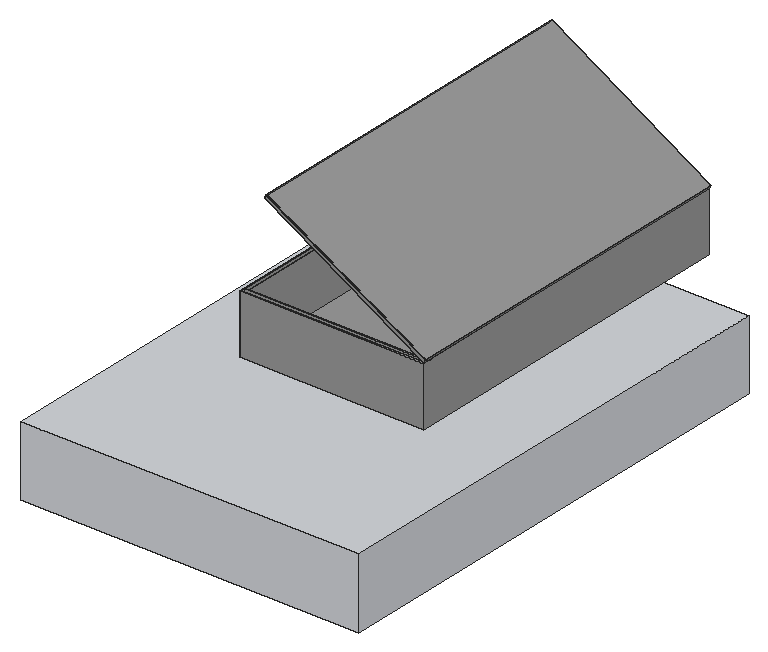
Revit family "Hager-Univers-IP55-D275-H1550-Cl.II-Steel_encl-PL-pl", category Equipement électrique, Revit 2020
Family settings
  Hôte = Face
  Configuration du panneau = Deux colonnes, circuits au sein
  Cote de connecteur circulaire = Utiliser le diamètre
  Type d'élément = Tableau de raccordement
  Couper avec des vides une fois chargée = Non
  Partagée = Non
  Point de calcul de pièce = Non
Parameters (values of type "Montaż natynkowy IP55 S800 W1550 G275  - FR03S")
  Width Control [instance] = if([EF000008 - Szerokość] > Min Width, [EF000008 - Szerokość], Min Width)  # 800 mm
  Commentaires du type = [HG000003 - Zakres]  # "Univers"
  Thickness Door [instance] = if([EF009171 - Drzwi/pokrywa z materiału o wysokiej wytrzymałości mechanicznej] > 3 mm, 3 mm, [EF009171 - Drzwi/pokrywa z materiału o wysokiej wytrzymałości mechanicznej])  # 1.5 mm
  Seal Frame Offset [instance] = 17 mm  # constant formula
  Plinth Visibility [instance] = [HG000027 - Wysokość cokołu] > 0 mm  # no
  Model = ""
  Min Width [instance] = 100 mm  # constant formula
  Min Height [instance] = 100 mm  # constant formula
  Min Depth [instance] = (2 * [EF009170 - Obudowa z materiału o wysokiej wytrzymałości mechanicznej]) + 1 mm  # 4 mm
  Internal Frame Depth [instance] = (Door System Depth * 0.5)  # 9 mm
  Height Control [instance] = if([EF000040 - Wysokość] > Min Height, [EF000040 - Wysokość], Min Height)  # 1550 mm
  HG000027 - Wysokość cokołu = 0 mm
  HG000026 - Stojąca = no
  HG000024 - Wysokość części dolnej = 800 mm
  HG000023 - Obudowa dwusekcyjna = no
  HG000016 - Widoczność drzwi w widoku 3D [instance] = yes
  HG000015 - Przestrzeń robocza - otwarcie drzwi [instance] = no
  HG000014 - Drzwi prawe [instance] = yes
  HG000013 - Drzwi lewe [instance] = not([HG000014 - Drzwi prawe])  # no
  HG000012 - Kąt otwarcia drzwi [instance] = 30.00°
  HG000010 - Drzwi asymetryczne = no
  HG000009 - Drzwi dwuskrzydłowe = no
  HG000006 - Montaż podtynkowy = no
  HG000004 - Referencja producenta = "FR03S"
  HG000003 - Zakres = "Univers"
  HG000002 - Z drzwiami lub pokrywą = yes
  Frame Offset Bottom [instance] = 10 mm  # constant formula
  Frame Offset [instance] = 15 mm  # constant formula
  EF015940 - Pokrywa z wyzwalaczem nadciśnieniowym = no
  EF011959 - Stopień ochrony (NEMA) = ""
  EF009554 - Liczba otworów pod flansze = 6
  Fabricant = "Hager"  # constant formula
  EF009212 - Wykonanie pokrywy = "EV000116 - Zamknięty"
  EF009171 - Drzwi/pokrywa z materiału o wysokiej wytrzymałości mechanicznej = 1.5 mm
  EF009170 - Obudowa z materiału o wysokiej wytrzymałości mechanicznej = 1.5 mm
  EF008873 - Prąd znamionowy (In) = 800 A
  EF007800 - Do ochrony odgromowej = no
  EF006306 - Z zamkiem = no
  EF006244 - Transparentna pokrywa/drzwi = no
  EF005474 - Stopień ochrony (IP) = "EV006420 - IP55"
  EF004464 - Rodzaj drzwi = "EV002646 - Pojedynczy"
  EF004427 - Liczba modułów = 360
  EF004293 - Odporność udarowa = "EV008784 - IK10"
  EF003532 - Do zastosowań zewnętrznych = no
  EF002950 - Szerokość wyrażona liczbą modułów = 24
  EF001613 - Podtrzymanie funkcji = "EV000494 - Brak"
  EF001596 - Materiał obudowy = "EV000179 - Stal"
  EF001131 - Głębokość wewnętrzna = 275 mm
  EF001088 - Możliwość rozbudowy = yes
  EF000437 - Liczba wejść kablowych = 6
  EF000339 - Rodzaj pokrywy = "EV004216 - Drzwi"
  EF000266 - Liczba rzędów = 10
  EF000218 - Głębokość wbudowania = 0 mm
  EF000118 - Z płytą montażową = no
  EF000116 - Numer RAL = "7035"
  EF000049 - Głębokość = 275 mm
  EF000040 - Wysokość = 1550 mm
  EF000008 - Szerokość = 800 mm
  EF000007 - Kolor = "EV000270 - Szary"
  EF000003 - Sposób montażu = "EV000384 - Montaż natynkowy"
  Door System Leaf Tolerance [instance] = 1.5 mm  # constant formula
  Door System Depth [instance] = 18 mm  # constant formula
  Door Height [instance] = Height Control - [HG000027 - Wysokość cokołu]  # 1550 mm
  Depth Control [instance] = if([EF000049 - Głębokość] > Min Depth, [EF000049 - Głębokość], Min Depth)  # 275 mm
  Default Elevation = 0 mm
  Connector Offset [instance] = Height Control / 2  # 775 mm
  Bottom Top Plate Trim [instance] = 1.5 mm  # constant formula
  Plinth height Ctrl [instance] = if([HG000027 - Wysokość cokołu] > 0 mm, [HG000027 - Wysokość cokołu], 12 mm)  # 12 mm
Types (5, lengths in mm): name | Width Control | HG000010 - Drzwi asymetryczne | HG000009 - Drzwi dwuskrzydłowe | HG000004 - Referencja producenta | EF009554 - Liczba otworów pod flansze | EF004464 - Rodzaj drzwi | EF004427 - Liczba modułów | EF000437 - Liczba wejść kablowych | EF000008 - Szerokość
  Montaż natynkowy IP55 S1050 W1550 G275  - FR04S | 1050 | no | yes | "FR04S" | 8 | "EV003602 - Podwójny" | 480 | 8 | 1050
  Montaż natynkowy IP55 S1300 W1550 G275  - FR05S | 1300 | yes | yes | "FR05S" | 10 | "EV003602 - Podwójny" | 600 | 10 | 1300
  Montaż natynkowy IP55 S300 W1550 G275  - FR01S | 300 | no | no | "FR01S" | 2 | "EV002646 - Pojedynczy" | 120 | 2 | 300
  Montaż natynkowy IP55 S550 W1550 G275  - FR02S | 550 | no | no | "FR02S" | 4 | "EV002646 - Pojedynczy" | 240 | 4 | 550
  Montaż natynkowy IP55 S800 W1550 G275  - FR03S | 800 | no | no | "FR03S" | 6 | "EV002646 - Pojedynczy" | 360 | 6 | 800
Reference planes
  plane 1 "Center (Front/Back)": y = 0
  plane 2: z = 0
  plane 3 "Center (Left/Right)": x = 0
  plane 4: z = 275
  plane 5: y = 1.5
  plane 6: y = 775
  plane 7: y = 0
  plane 8: y = 1550
  plane 9: z = 0
  plane 10: x = -385
  plane 11: x = 385
  plane 12: x = 383.5
  plane 13: x = -383.5
  plane 14: y = 1548.5
  plane 15: x = -383
  plane 16: x = -400
  plane 17: x = 383
  plane 18: x = 400
  plane 19: x = 398.5
  plane 20: x = -398.5
  plane 21: y = 11.5
  plane 22: y = 1550
  plane 23: y = 1533.5
  plane 24: z = 257
  plane 25: z = 1.5
  plane 26: z = 255.5
  plane 27: z = 273.5
Forms (mm)
  Extrusion 1, solid
    sketch origin (0, 0, 0) x (1, 0, 0) y (0, 1, 0)
      loop
        line (-702.964, 1305) -> (-702.964, -811.445) -> (766.763, -811.445) -> (766.763, 1305) -> (-702.964, 1305)
    from 0 to -304.8
  Extrusion 2, solid, material "Hager_Steel_RAL7035_Light_Grey", visible <- "Plinth Visibility", detail levels medium+fine
    sketch origin (0, 0, 0) x (1, 0, 0) y (0, 1, 0)
      loop
        line (-400, 0) -> (400, 0) -> (400, 12) -> (-400, 12) -> (-400, 0)
    from 0 to 257
  Extrusion 3, solid, material "Hager_Steel_RAL7035_Light_Grey", detail levels medium+fine
    sketch origin (0, 0, 0) x (1, 0, 0) y (0, 1, 0)
      loop
        line (-400, 0) -> (400, 0) -> (400, 1550) -> (-400, 1550) -> (-400, 0)
    from 0 to 257
  Extrusion 4, void
    sketch origin (0, 0, 0) x (1, 0, 0) y (0, 1, 0)
      loop
        line (-398.5, 1.5) -> (398.5, 1.5) -> (398.5, 1548.5) -> (-398.5, 1548.5) -> (-398.5, 1.5)
    from 1.5 to 255.5
  Extrusion 5, void
    sketch origin (-381.607, -4572, 257) x (0, -1, 0) y (-1, 0, 0)
      loop
        line (-4583.5, 1.893) -> (-6105.5, 1.893) -> (-6105.5, -765.107) -> (-4583.5, -765.107) -> (-4583.5, 1.893)
    from 0 to 1.5 <- "EF009170 - Obudowa z materiału o wysokiej wytrzymałości mechanicznej"
  Extrusion 6, solid, material "Hager_Steel_RAL7035_Light_Grey", detail levels fine
    sketch origin (0, 0, 257) x (1, 0, 0) y (0, 1, 0)
      loop
        line (-383.5, 1533.5) -> (-383.5, 11.5) -> (383.5, 11.5) -> (383.5, 1533.5) -> (-383.5, 1533.5)
      loop
        line (-385, 10) -> (385, 10) -> (385, 1535) -> (-385, 1535) -> (-385, 10)
    from 0 to 9 <- "Internal Frame Depth"
  Extrusion 7, solid, material "Hager_Steel_RAL7035_Light_Grey", detail levels coarse
    sketch origin (0, 0, 0) x (1, 0, 0) y (0, 1, 0)
      loop
        line (-400, 0) -> (400, 0) -> (400, 1550) -> (-400, 1550) -> (-400, 0)
    from 0 to 275
  Sweep 8, void
    path in 3D
      loop
        line (-400, 12, 0) -> (400, 12, 0) -> (400, 12, 257) -> (-400, 12, 257) -> (-400, 12, 0)
    profile origin (-400, 12, 128.5) x (-1, 0, 0) y (0, -1, 0)
      loop
        line (0, 0) -> (0, 1.5) -> (-1.5, 1.5)
        arc (-1.5, 1.5) -> (-1.061, 0.439) -> (0, 0) r 1.5
Cuts and joins
  Extrusion 4, Extrusion 5 cuts Extrusion 3
  Sweep 8 cuts Extrusion 2
Lines and regions (mm)
  Masking region 1
    outline origin (0, 0, 0) x (1, 0, 0) y (0, 0, 1)
      loop
        line (-400, 275) -> (-400, 0) -> (400, 0) -> (400, 275) -> (-400, 275)
  Masking region 2, detail levels medium+fine
    outline origin (0, 140, 0) x (0, 1, 0) y (0, 0, 1)
      loop
        line (-140, 0) -> (1410, 0) -> (1410, 257) -> (-140, 257) -> (-140, 0)
  Masking region 3, not visible, detail levels medium+fine
    outline origin (0, 297.922, 0) x (0, 1, 0) y (0, 0, 1)
      loop
        line (488.578, 0) -> (528.578, 0) -> (528.578, 263.5)
        arc (528.578, 263.5) -> (525.649, 270.571) -> (518.578, 273.5) r 10
        line (518.578, 273.5) -> (488.578, 273.5) -> (488.578, 0)
  Masking region 4, detail levels coarse
    outline origin (0, 0, 180) x (0, 1, 0) y (0, 0, 1)
      loop
        line (0, -180) -> (1550, -180) -> (1550, 95) -> (0, 95) -> (0, -180)
  Masking region 5, visible <- "Plinth Visibility", detail levels medium+fine
    outline origin (0, 52.24, 12.345) x (0, 0, -1) y (0, 1, 0)
      loop
        line (10.845, -40.24) -> (-243.155, -40.24)
        arc (-243.155, -40.24) -> (-243.594, -41.301) -> (-244.655, -41.74) r 1.5
        line (-244.655, -41.74) -> (-244.655, -52.24) -> (12.345, -52.24) -> (12.345, -41.74)
        arc (12.345, -41.74) -> (11.285, -41.301) -> (10.845, -40.24) r 1.5
  Masking region 6, detail levels medium+fine
    outline origin (-381.607, -4572, 257) x (-1, 0, 0) y (0, -1, 0)
      loop
        line (18.393, -6122) -> (18.393, -4572) -> (-781.607, -4572) -> (-781.607, -6122) -> (18.393, -6122)
  Masking region 7, visible <- "Plinth Visibility", detail levels medium+fine
    outline origin (-381.607, -4727, 257) x (-1, 0, 0) y (0, -1, 0)
      loop
        arc (16.893, -4739) -> (17.332, -4737.939) -> (18.393, -4737.5) r 1.5
        line (18.393, -4737.5) -> (18.393, -4727) -> (-781.607, -4727) -> (-781.607, -4737.5)
        arc (-781.607, -4737.5) -> (-780.546, -4737.939) -> (-780.107, -4739) r 1.5
        line (-780.107, -4739) -> (16.893, -4739)
  Masking region 8, detail levels coarse
    outline origin (-442.548, -4669.526, 257) x (-1, 0, 0) y (0, -1, 0)
      loop
        line (-42.548, -6219.526) -> (-42.548, -4669.526) -> (-842.548, -4669.526) -> (-842.548, -6219.526) -> (-42.548, -6219.526)
  sketch lines
    curve 1: line (-400, 12, 257) -> (-400, 12, 0)
    curve 2: line (400, 12, 257) -> (-400, 12, 257)
    curve 3: line (400, 12, 257) -> (400, 12, 0)
    curve 4: line (-400, 12, 0) -> (400, 12, 0)
Dimensions and locks
  "Depth Control": plane 4 to Extrusion 1
  "HG000027 - Wysokość cokołu": plane 1 "Center (Front/Back)" to plane 7
  "EF009170 - Obudowa z materiału o wysokiej wytrzymałości mechanicznej": plane 5 to plane 7
  locked: connector elem to plane 3 "Center (Left/Right)"
  equal spacing: plane 8, plane 6, plane 7
  locked: connector elem to plane 6
  "EF009170 - Obudowa z materiału o wysokiej wytrzymałości mechanicznej": plane 8 to plane 14
  "EF009170 - Obudowa z materiału o wysokiej wytrzymałości mechanicznej": plane 10 to plane 13
  "EF009170 - Obudowa z materiału o wysokiej wytrzymałości mechanicznej": plane 12 to plane 11
  "Frame Offset": plane 20 to plane 13
  "Frame Offset": plane 12 to plane 19
  "EF009170 - Obudowa z materiału o wysokiej wytrzymałości mechanicznej": plane 16 to plane 20
  "EF009170 - Obudowa z materiału o wysokiej wytrzymałości mechanicznej": plane 19 to plane 18
  "Seal Frame Offset": plane 16 to plane 15
  "Seal Frame Offset": plane 17 to plane 18
  "Frame Offset Bottom": plane 21 to plane 5
  "Frame Offset": plane 14 to plane 23
  equal spacing: plane 16, plane 3 "Center (Left/Right)", plane 18
  "Width Control": plane 16 to plane 18
  "EF009170 - Obudowa z materiału o wysokiej wytrzymałości mechanicznej": plane 4 to plane 27
  "EF009170 - Obudowa z materiału o wysokiej wytrzymałości mechanicznej": plane 24 to plane 26
  "EF009170 - Obudowa z materiału o wysokiej wytrzymałości mechanicznej": plane 25 to level
  "Door System Depth": plane 4 to plane 24
  "Height Control": plane 1 "Center (Front/Back)" to Extrusion 7 sketch curve
  "Height Control": Masking region 4 sketch curve to plane 1 "Center (Front/Back)"
  "Height Control": plane 1 "Center (Front/Back)" to plane 22
  "Bottom Top Plate Trim": profile plane to Sweep 8 sketch curve
  "Bottom Top Plate Trim": Sweep 8 sketch curve to profile plane
  "Plinth height Ctrl": plane 1 "Center (Front/Back)" to Extrusion 2 sketch curve
  "Plinth height Ctrl": Masking region 5 sketch curve to plane 1 "Center (Front/Back)"
  "Plinth height Ctrl": plane 1 "Center (Front/Back)" to Masking region 7 sketch curve
  "Thickness Door": Extrusion 6 sketch curve to Extrusion 6 sketch curve  (x3)
  "Thickness Door": cut or joined group of Extrusion 3, Extrusion 4, Extrusion 5 to Extrusion 6 sketch curve
  radius of Masking region 3 sketch curve = 10 mm
  "Bottom Top Plate Trim": radius of Masking region 5 sketch curve  (x2)
  "Bottom Top Plate Trim": radius of Sweep 8 sketch curve
  "Bottom Top Plate Trim": radius of Masking region 7 sketch curve  (x2)
  aligned and locked: plane 2 to Extrusion 1
  aligned and locked: level to Extrusion 1
  aligned and locked: level to Masking region 1 sketch curve
  aligned and locked: Masking region 1 sketch curve to plane 18
  aligned and locked: Masking region 1 sketch curve to plane 16
  aligned and locked: plane 7 to Masking region 2 sketch curve
  aligned and locked: level to Masking region 3 sketch curve
  aligned and locked: Masking region 3 sketch curve to plane 27
  aligned and locked: level to Masking region 2 sketch curve
  aligned and locked: plane 1 "Center (Front/Back)" to Extrusion 2 sketch curve
  aligned and locked: Extrusion 3 sketch curve to plane 7
  aligned and locked: plane 16 to Extrusion 3 sketch curve
  aligned and locked: plane 18 to Extrusion 3 sketch curve
  aligned and locked: plane 20 to Extrusion 4 sketch curve
  aligned and locked: plane 19 to Extrusion 4 sketch curve
  aligned and locked: Extrusion 4 sketch curve to plane 5
  aligned and locked: Extrusion 4 to plane 25
  aligned and locked: plane 26 to Extrusion 4
  aligned and locked: plane 24 to Extrusion 3
  aligned and locked: Extrusion 5 sketch curve to plane 21
  aligned and locked: Extrusion 5 sketch curve to plane 13
  aligned and locked: Extrusion 5 sketch curve to plane 12
  aligned and locked: plane 18 to Extrusion 7 sketch curve
  aligned and locked: plane 1 "Center (Front/Back)" to Extrusion 7 sketch curve
  aligned and locked: plane 16 to Extrusion 7 sketch curve
  aligned and locked: plane 4 to Extrusion 7
  aligned and locked: Extrusion 7 to level
  aligned and locked: level to Masking region 4 sketch curve
  aligned and locked: Masking region 4 sketch curve to plane 1 "Center (Front/Back)"
  aligned and locked: Masking region 4 sketch curve to plane 4
  aligned and locked: nested 1 to level
  aligned and locked: nested 1 to plane 16
  aligned and locked: plane 8 to Extrusion 3 sketch curve
  aligned and locked: plane 23 to Extrusion 5 sketch curve
  aligned and locked: plane 14 to Extrusion 4 sketch curve
  aligned and locked: Masking region 2 sketch curve to plane 8
  aligned and locked: level to Masking region 5 sketch curve
  aligned and locked: plane 16 to Extrusion 2 sketch curve
  aligned and locked: plane 18 to Extrusion 2 sketch curve
  aligned and locked: Masking region 5 sketch curve to plane 24
  aligned and locked: Masking region 2 sketch curve to plane 24
  aligned and locked: plane 24 to Extrusion 2
  aligned and locked: profile plane to Sweep 8 sketch curve  (x2)
  aligned and locked: Masking region 6 sketch curve to plane 18
  aligned and locked: Masking region 6 sketch curve to plane 22
  aligned and locked: Masking region 6 sketch curve to plane 16
  aligned and locked: plane 8 to plane 22
  aligned and locked: Masking region 6 sketch curve to plane 7
  aligned and locked: Masking region 7 sketch curve to plane 16
  aligned and locked: Masking region 7 sketch curve to plane 1 "Center (Front/Back)"
  aligned and locked: Masking region 7 sketch curve to plane 18
  aligned and locked: Masking region 8 sketch curve to plane 1 "Center (Front/Back)"
  aligned and locked: Masking region 8 sketch curve to plane 18
  aligned and locked: Masking region 8 sketch curve to plane 22
  aligned and locked: Masking region 8 sketch curve to plane 16
  aligned and locked: nested 2 to plane 7
  aligned and locked: plane 3 "Center (Left/Right)" to nested 2
  aligned and locked: nested 2 to plane 24
  aligned and locked: Extrusion 6 sketch curve to cut or joined group of Extrusion 3, Extrusion 4, Extrusion 5  (x4)
Automatic sketch dimensions
  Extrusion 1 sketch curve to Extrusion 1 sketch curve = 1469.727 mm
  Extrusion 1 sketch curve to Extrusion 1 sketch curve = 2116.445 mm
  Masking region 1 sketch curve to plane 4 = 0 mm
  plane 6 to Masking region 3 sketch curve = 11.5 mm
  Masking region 3 sketch curve to Masking region 3 sketch curve = 30 mm
  Masking region 5 sketch curve to plane 1 "Center (Front/Back)" = 0 mm
Nested families
  nested 1: "Hager_Enclosure_Symbol" at (-400, 0, 0) x (1, 0, 0) z (0, -1, 0), Height <- "Depth Control", Width <- "Width Control", type "Hager_Enclosure_Symbol"
    with Width_Ctrl 800 mm, Width 800 mm, Height_Ctrl 275 mm, Height 275 mm, A_Width_Int 18.047 mm, A_Width 216.562 mm, A_Height_Ctrl 240.625 mm, A_Height 240.625 mm
  nested 2: "EC000058_Univers_Door" at (0, 0, 257) x (1, 0, 0) z (0, 1, 0), Leaf_Tolerance <- "Door System Leaf Tolerance", Angle <- "HG000012 - Kąt otwarcia drzwi", Door_Depth <- "Door System Depth", Door_Left <- "HG000013 - Drzwi lewe", Transparent <- "EF006244 - Transparentna pokrywa/drzwi", Assymetrical <- "HG000010 - Drzwi asymetryczne", Width <- "Width Control", Clearance <- "HG000015 - Przestrzeń robocza - otwarcie drzwi", Double <- "HG000009 - Drzwi dwuskrzydłowe", 3d_Door <- "HG000016 - Widoczność drzwi w widoku 3D", Lock_Visibility <- "EF006306 - Z zamkiem", Width_Ctrl <- "Width Control", Door_Right <- "HG000014 - Drzwi prawe", Door <- "HG000002 - Z drzwiami lub pokrywą", Height <- "Door Height", Thickness <- "Thickness Door", type "EC000058_Univers_Door", detail levels medium+fine
    with min_wh 4 mm, Width_Ctrl 800 mm, Width 800 mm, Transparent no, Thickness 1.5 mm, Seal_Material Hager_Rubber, Lock_Visibility no, Lock_Material Hager_Plastic_RAL9005_Jet_Black, Leaf_Width 800 mm, Leaf_Tolerance_External_Sides 0 mm, Leaf_Tolerance 1.5 mm, Leaf_Offset 0 mm, Leaf_Height 1547 mm, Leaf_2_Width 800 mm, Leaf_2_Offset 400 mm, Leaf_1_Width 800 mm, Leaf_1_Offset 400 mm, Height_Ctrl 1550 mm, Height 1550 mm, Glass_Material Hager_Glass, Double_Clearance_Ctrl no, Double no, Door_Right_Ctrl yes, Door_Right yes, Door_Material Hager_Steel_RAL7035_Light_Grey, Door_Left_Ctrl no, Door_Left no, Door_Depth 18 mm, Door yes, Clearance_Material Hager_Clearance, Clearance_Depth 800 mm, Clearance_Ctrl no, Clearance no, Assymetrical no, Angle 30.00°, 3d_Door yes
Connectors
  electrical at (0, 775, 0)
    settings: on plane 9, index 1, voltage 0 V, apparent load 0 VA, apparent load phase1 0 VA, apparent load phase2 0 VA, apparent load phase3 0 VA, power factor 1, load classification "Other", number of poles 1, system type 30, power factor state 1, is connector primary yes, connector utility no, sub classification motor no, connector description ""
Definition of nested family "EC000058_Univers_Door"
  Parameters (values of type "EC000058_Univers_Door")
    min_wh [instance] = (2 * Thickness) + 1 mm  # 11 mm
    Width_Ctrl [instance] = 400 mm
    Width [instance] = 500 mm
    Transparent [instance] = yes
    Thickness [instance] = 5 mm
    Seal_Material [instance] = none
    Lock_Visibility [instance] = yes
    Lock_Material [instance] = none
    Leaf_Width [instance] = if((Width_Ctrl - 2 * Leaf_Tolerance_External_Sides) > 0 mm, (Width_Ctrl - 2 * Leaf_Tolerance_External_Sides), min_wh)  # 400 mm
    Leaf_Tolerance_External_Sides [instance] = 0 mm  # constant formula
    Leaf_Tolerance [instance] = 1.5 mm
    Leaf_Offset [instance] = 0 mm  # constant formula
    Leaf_Height [instance] = if((Height_Ctrl - 2 * Leaf_Tolerance) > 0 mm, (Height_Ctrl - 2 * Leaf_Tolerance), min_wh)  # 497 mm
    Leaf_2_Width [instance] = if(and(and(Double, Assymetrical), Door_Left), (Leaf_Width / 3) - (Leaf_Tolerance / 2), if(and(and(Double, Assymetrical), Door_Right), (Leaf_Width / 3) * 2 - (Leaf_Tolerance / 2), if(and(Double, not(Assymetrical)), (Leaf_Width / 2) - Leaf_Tolerance, Leaf_Width)))  # 400 mm
    Leaf_2_Offset [instance] = if(and(Double, Assymetrical), Leaf_2_Width / 2, if(and(Double, not(Assymetrical)), Leaf_Width / 4, Leaf_Width / 2))  # 200 mm
    Leaf_1_Width [instance] = if(and(and(Double, Assymetrical), Door_Right), (Leaf_Width / 3) - (Leaf_Tolerance / 2), if(and(and(Double, Assymetrical), Door_Left), (Width / 3) * 2 - (Leaf_Tolerance / 2), if(and(Double, not(Assymetrical)), (Leaf_Width / 2) - Leaf_Tolerance, Leaf_Width)))  # 400 mm
    Leaf_1_Offset [instance] = if(and(Double, Assymetrical), Leaf_1_Width / 2, if(and(Double, not(Assymetrical)), Leaf_Width / 4, Leaf_Width / 2))  # 200 mm
    Height_Ctrl [instance] = if(Height > min_wh, Height, min_wh)  # 500 mm
    Height [instance] = 500 mm
    Glass_Material [instance] = none
    Double_Clearance_Ctrl [instance] = and(Double, Clearance)  # no
    Double [instance] = no
    Door_Right_Ctrl [instance] = and(or(Door_Right, Double), Door)  # yes
    Door_Right [instance] = yes
    Door_Material [instance] = none
    Door_Left_Ctrl [instance] = and(or(Door_Left, Double), Door)  # no
    Door_Left [instance] = no
    Door_Depth [instance] = 30 mm
    Door [instance] = yes
    Default Elevation = 1219.2 mm
    Clearance_Material [instance] = none
    Clearance_Depth [instance] = if(Leaf_1_Width > Leaf_2_Width, Leaf_1_Width, Leaf_2_Width)  # 400 mm
    Clearance_Ctrl [instance] = and(not(Double), Clearance)  # yes
    Clearance [instance] = yes
    Assymetrical [instance] = yes
    Angle [instance] = 30.00°
    3d_Door [instance] = yes
  Reference planes
    plane 1 "Center (Front/Back)": y = 0
    plane 2 "Bottom": z = 0
    plane 3 "Center (Left/Right)": x = 0
    plane 4: z = 500
    plane 5: x = -200
    plane 6: x = 200
    plane 7: z = 500
    plane 8: x = -200
    plane 9: z = 0
    plane 10: x = 200
    plane 11: y = 0
    plane 12: z = 1.5
    plane 13: x = -600
    plane 14: y = -400
    plane 15: x = 600
    plane 16: x = 0
    plane 17: x = 0
    plane 18: x = -200
    plane 19: x = 200
    plane 20: z = 498.5
  Forms (mm)
    Extrusion 1, solid, material <- "Clearance_Material", visible <- "Double_Clearance_Ctrl"
      sketch origin (1200, 0, 0) x (1, 0, 0) y (0, 0, -1)
        loop
          line (-1800, -498.5) -> (-600, -498.5) -> (-600, 0) -> (-1800, 0) -> (-1800, -498.5)
      from 0 to -400
  Dimensions and locks
    equal spacing: plane 5, plane 3 "Center (Left/Right)", plane 6
    "Width_Ctrl": plane 5 to plane 6
    "Leaf_Offset": plane 5 to plane 8
    "Leaf_Offset": plane 6 to plane 10
    "Leaf_Offset": plane 9 to level
    "Leaf_Offset": plane 4 to plane 7
    "Height_Ctrl": plane 4 to level
    "Leaf_Tolerance": plane 12 to plane 9
    locked: plane 11 to plane 1 "Center (Front/Back)"
    "Leaf_1_Offset": plane 18 to plane 16
    "Leaf_2_Offset": plane 17 to plane 19
    "Leaf_1_Width": plane 13 to plane 8
    "Leaf_2_Width": plane 10 to plane 15
    "Clearance_Depth": plane 14 to plane 1 "Center (Front/Back)"
    "Leaf_Tolerance_External_Sides": plane 8 to plane 18
    "Leaf_Tolerance_External_Sides": plane 19 to plane 10
    "Leaf_Tolerance": plane 7 to plane 20
    aligned and locked: level to plane 2 "Bottom"
    aligned and locked: nested 1 to plane 16
    aligned and locked: nested 2 to plane 17
    aligned and locked: Extrusion 1 to plane 13
    aligned and locked: plane 15 to Extrusion 1
    aligned and locked: Extrusion 1 to plane 14
    aligned and locked: plane 12 to nested 1
    aligned and locked: nested 2 to plane 12
    aligned and locked: Extrusion 1 to plane 11
    aligned and locked: plane 20 to Extrusion 1
    aligned and locked: nested 2 to plane 11
    aligned and locked: nested 1 to plane 11
  Automatic sketch dimensions
    Extrusion 1 sketch curve to level = 0 mm
    plane 5 to Extrusion 1 sketch curve = 400 mm
    plane 6 to Extrusion 1 sketch curve = 400 mm
    Extrusion 1 sketch curve to plane 4 = 1.5 mm
  Nested families
    nested 1: "EC000058_Univers_Door_Leaf" at (0, 0, 1.5), Width <- "Leaf_1_Width", visible <- "Door_Left_Ctrl", Leaf_Height <- "Leaf_Height", Angle <- "Angle", 3d_Door <- "3d_Door", Transparent <- "Transparent", Clearance Material <- "Clearance_Material", Clearance <- "Clearance_Ctrl", Door_Material <- "Door_Material", Glass_Material <- "Glass_Material", Door_Depth <- "Door_Depth", Lock_Material <- "Lock_Material", Seal_Material <- "Seal_Material", Lock_Visibility <- "Lock_Visibility", Thickness <- "Thickness", type "EC000058_Univers_Door_Leaf"
      with Width 400 mm, Transparent_Glass_Offset 30 mm, Transparent_Ctrl yes, Transparent yes, Thickness 5 mm, Standard no, Seal_Material none, Seal_D2 8 mm, Seal_D1 1 mm, Offset_Internal_Frame 10 mm, Lock_Width 20 mm, Lock_Visibility_3d yes, Lock_Visibility yes, Lock_Thickness_3 3 mm, Lock_Thickness_2 1 mm, Lock_Thickness_1 3 mm, Lock_Radius_Offset_2 16 mm, Lock_Radius_Offset_1 15 mm, Lock_Radius_2 5 mm, Lock_Radius 6 mm, Lock_Offset 5 mm, Lock_Material none, Lock_Height 80 mm, Lock_Cover_Top_Offset_2d 17 mm, Lock_Cover_Height -65 mm, Leaf_Height 497 mm, Internal_Seal_Thickness 8 mm, Internal_Seal_Depth_2 4.5 mm, Internal_Frame_Depth 25 mm, Glass_Thickness -1 mm, Glass_Offset -2 mm, Glass_Material none, Door_Material none, Door_Depth 30 mm, Clearance Material none, Clearance yes, Angle_Ctrl 30.00°, Angle 30.00°, 3d_Door yes
    nested 2: "EC000058_Univers_Door_Leaf" at (0, 0, 1.5) x (-1, 0, 0) z (0, 0, 1), Width <- "Leaf_2_Width", visible <- "Door_Right_Ctrl", Leaf_Height <- "Leaf_Height", Angle <- "Angle", 3d_Door <- "3d_Door", Transparent <- "Transparent", Clearance Material <- "Clearance_Material", Clearance <- "Clearance_Ctrl", Door_Material <- "Door_Material", Glass_Material <- "Glass_Material", Door_Depth <- "Door_Depth", Lock_Material <- "Lock_Material", Seal_Material <- "Seal_Material", Lock_Visibility <- "Lock_Visibility", Thickness <- "Thickness", type "EC000058_Univers_Door_Leaf"
      with Width 400 mm, Transparent_Glass_Offset 30 mm, Transparent_Ctrl yes, Transparent yes, Thickness 5 mm, Standard no, Seal_Material none, Seal_D2 8 mm, Seal_D1 1 mm, Offset_Internal_Frame 10 mm, Lock_Width 20 mm, Lock_Visibility_3d yes, Lock_Visibility yes, Lock_Thickness_3 3 mm, Lock_Thickness_2 1 mm, Lock_Thickness_1 3 mm, Lock_Radius_Offset_2 16 mm, Lock_Radius_Offset_1 15 mm, Lock_Radius_2 5 mm, Lock_Radius 6 mm, Lock_Offset 5 mm, Lock_Material none, Lock_Height 80 mm, Lock_Cover_Top_Offset_2d 17 mm, Lock_Cover_Height -65 mm, Leaf_Height 497 mm, Internal_Seal_Thickness 8 mm, Internal_Seal_Depth_2 4.5 mm, Internal_Frame_Depth 25 mm, Glass_Thickness -1 mm, Glass_Offset -2 mm, Glass_Material none, Door_Material none, Door_Depth 30 mm, Clearance Material none, Clearance yes, Angle_Ctrl 30.00°, Angle 30.00°, 3d_Door yes
  Definition of nested family "EC000058_Univers_Door_Leaf"
    Parameters (values of type "EC000058_Univers_Door_Leaf")
      Width [instance] = 2000 mm
      Transparent_Glass_Offset [instance] = 30 mm
      Transparent_Ctrl [instance] = and(Transparent, [3d_Door])  # yes
      Transparent [instance] = yes
      Thickness [instance] = 5 mm
      Standard [instance] = and(not(Transparent), [3d_Door])  # no
      Seal_Material [instance] = none
      Seal_D2 [instance] = 8 mm  # constant formula
      Seal_D1 [instance] = 1 mm  # constant formula
      Offset_Internal_Frame [instance] = 10 mm  # constant formula
      Lock_Width [instance] = 20 mm  # constant formula
      Lock_Visibility_3d [instance] = and(Lock_Visibility, [3d_Door])  # yes
      Lock_Visibility [instance] = yes
      Lock_Thickness_3 [instance] = 3 mm  # constant formula
      Lock_Thickness_2 [instance] = 1 mm  # constant formula
      Lock_Thickness_1 [instance] = 3 mm  # constant formula
      Lock_Radius_Offset_2 [instance] = Lock_Radius_Offset_1 + 1 mm  # 16 mm
      Lock_Radius_Offset_1 [instance] = 15 mm  # constant formula
      Lock_Radius_2 [instance] = Lock_Radius - 1 mm  # 5 mm
      Lock_Radius [instance] = 6 mm  # constant formula
      Lock_Offset [instance] = 5 mm  # constant formula
      Lock_Material [instance] = none
      Lock_Height [instance] = 80 mm  # constant formula
      Lock_Cover_Top_Offset_2d [instance] = Lock_Radius_Offset_2 + 1 mm  # 17 mm
      Lock_Cover_Height [instance] = -(Lock_Height - Lock_Radius_Offset_1)  # -65 mm
      Leaf_Height [instance] = 2720.336 mm
      Internal_Seal_Thickness [instance] = 8 mm  # constant formula
      Internal_Seal_Depth_2 [instance] = 4.5 mm  # constant formula
      Internal_Frame_Depth [instance] = if(Door_Depth - Thickness > 5 mm, Door_Depth - Thickness, 5 mm)  # 25 mm
      Glass_Thickness [instance] = if(Thickness > 15 mm, Glass_Offset + 10 mm, -1 mm)  # -1 mm
      Glass_Offset [instance] = if(Thickness > 15 mm, -(Thickness + 10 mm) / 2, -2 mm)  # -2 mm
      Glass_Material [instance] = none
      Door_Material [instance] = none
      Door_Depth [instance] = 30 mm
      Default Elevation = 0 mm
      Clearance Material [instance] = none
      Clearance [instance] = yes
      Angle_Ctrl [instance] = if(Angle > 180.00°, 180.00°, Angle)  # 90.00°
      Angle [instance] = 90.00°
      3d_Door [instance] = yes
    Reference planes
      plane 1 "Center (Front/Back)": y = 0
      plane 2: z = 0
      plane 3 "Center (Left/Right)": x = 0
      plane 4: y = 2000
      plane 5: x = -1000
      plane 6: x = 1000
      plane 7: x = -3000
      plane 8: z = 2720.336
      plane 9: z = 30
      plane 10: z = 2690.336
      plane 11: x = 970
      plane 12: x = -970
      plane 13: y = -3
      plane 14: z = 107.833
      plane 15: y = -5
      plane 16: y = -223.314
      plane 17: x = -1000
      plane 18: z = 1360.168
      plane 19: y = 30
    Forms (mm)
      Extrusion 1, solid, material <- "Clearance Material", visible <- "Clearance"
        sketch origin (0, 0, 0) x (1, 0, 0) y (0, 0, 1)
          loop
            line (-3000, 2720.336) -> (-3000, 0) -> (1000, 0) -> (1000, 2720.336) -> (-3000, 2720.336)
        from 0 to -2000
      Extrusion 2, solid, material <- "Door_Material", visible <- "Standard", detail levels medium+fine
        sketch origin (-1000, 0, 0) x (0, 1, 0) y (-1, 0, 0)
          loop
            line (0, 30) -> (0, 25) -> (2000, 25) -> (2000, 30) -> (0, 30)
        from 0 to 2720.336 <- "Leaf_Height"
      Extrusion 3, solid, material <- "Door_Material", visible <- "Transparent_Ctrl", detail levels medium+fine
        sketch origin (-1000, 0, 0) x (0, 1, 0) y (-1, 0, 0)
          loop
            line (0, 25) -> (2000, 25) -> (2000, 30) -> (0, 30) -> (0, 25)
        from 0 to 2720.336 <- "Leaf_Height"
      Extrusion 4, void
        sketch origin (-1025, 2000, 0) x (0, 1, 0) y (0, 0, -1)
          loop
            line (-30, -2690.336) -> (-30, -30) -> (-1970, -30) -> (-1970, -2690.336) -> (-30, -2690.336)
        from 0 to 5 <- "Thickness"
      Sweep 5, solid, material <- "Seal_Material", visible <- "Transparent_Ctrl", detail levels fine
        path in 3D
          loop
            line (-1025, 30, 30) -> (-1025, 30, 2690.336) -> (-1025, 1970, 2690.336) -> (-1025, 1970, 30) -> (-1025, 30, 30)
        profile origin (-1025, 1000, 30) x (1, 0, 0) y (0, 0, 1)
          loop
            line (0, 0) -> (0, -8) -> (1, -8) -> (1, 0) -> (0, 0)
      Extrusion 6, solid, material <- "Glass_Material", visible <- "Transparent_Ctrl", detail levels medium+fine
        sketch origin (-1030, 0, 0) x (0, 1, 0) y (0, 0, -1)
          loop
            line (1970, -2690.336) -> (1970, -30) -> (30, -30) -> (30, -2690.336) -> (1970, -2690.336)
        from -2 <- "Glass_Offset" to -1 <- "Glass_Thickness"
      Extrusion 7, solid, material <- "Door_Material", visible <- "3d_Door", detail levels medium+fine
        sketch origin (-1025, 2000, 0) x (0, -1, 0) y (0, 0, -1)
          loop
            line (0, -2720.336) -> (2000, -2720.336) -> (2000, 0) -> (0, 0) -> (0, -2720.336)
          loop
            line (1995, -5) -> (5, -5) -> (5, -2715.336) -> (1995, -2715.336) -> (1995, -5)
        from 0 to 25 <- "Internal_Frame_Depth"
      Sweep 8, solid, material <- "Seal_Material", visible <- "Transparent_Ctrl", detail levels fine
        path in 3D
          loop
            line (-1025, 0, 0) -> (-1025, 2000, 0) -> (-1025, 2000, 2720.336) -> (-1025, 0, 2720.336) -> (-1025, 0, 0)
        profile origin (-1025, 0, 1360.168) x (1, 0, 0) y (0, 1, 0)
          loop
            line (0, 10) -> (2.975, 10)
            arc (2.975, 10) -> (4.053, 10.447) -> (4.5, 11.525) r 1.525
            line (4.5, 11.525) -> (4.5, 16.527)
            arc (4.5, 16.527) -> (4.069, 17.569) -> (3.027, 18) r 1.473
            line (3.027, 18) -> (0, 18) -> (0, 10)
      Extrusion 9, solid, material <- "Lock_Material", visible <- "Lock_Visibility_3d", detail levels fine
        sketch origin (-1030, 0, 0) x (0, 1, 0) y (0, 0, -1)
          loop
            arc (1993.5, -1400.168) -> (1994.561, -1399.729) -> (1995, -1398.668) r 1.5
            line (1995, -1398.668) -> (1995, -1320.168) -> (1975, -1320.168) -> (1975, -1398.668)
            arc (1975, -1398.668) -> (1975.439, -1399.729) -> (1976.5, -1400.168) r 1.5
            line (1976.5, -1400.168) -> (1993.5, -1400.168)
        from 3 <- "Lock_Thickness_1" to 0
      Blend 10, solid, material <- "Lock_Material", visible <- "Lock_Visibility_3d", detail levels fine
        base sketch origin (-1033, 0, 0) x (0, 1, 0) y (0, 0, -1)
          loop
            line (1975, -1320.168) -> (1975, -1398.668)
            arc (1975, -1398.668) -> (1975.439, -1399.729) -> (1976.5, -1400.168) r 1.5
            line (1976.5, -1400.168) -> (1993.5, -1400.168)
            arc (1993.5, -1400.168) -> (1994.561, -1399.729) -> (1995, -1398.668) r 1.5
            line (1995, -1398.668) -> (1995, -1320.168) -> (1975, -1320.168)
        top sketch origin (-1033, 0, 0) x (0, 1, 0) y (0, 0, -1)
          loop
            line (1976, -1320.168) -> (1976, -1398.668)
            arc (1976, -1398.668) -> (1976.146, -1399.022) -> (1976.5, -1399.168) r 0.5
            line (1976.5, -1399.168) -> (1993.5, -1399.168)
            arc (1993.5, -1399.168) -> (1993.854, -1399.022) -> (1994, -1398.668) r 0.5
            line (1994, -1398.668) -> (1994, -1320.168) -> (1976, -1320.168)
        from 0 to 1 <- "Lock_Thickness_2"
      Blend 11, solid, material <- "Lock_Material", visible <- "Lock_Visibility_3d", detail levels fine
        base sketch origin (-1034, 0, 0) x (0, 1, 0) y (0, 0, -1)
          loop
            line (1978, -1320.168) -> (1978, -1384.168)
            arc (1978, -1384.168) -> (1985, -1391.168) -> (1992, -1384.168) r 7
            line (1992, -1384.168) -> (1992, -1320.168) -> (1978, -1320.168)
        top sketch origin (-1034, 0, 0) x (0, 1, 0) y (0, 0, -1)
          loop
            line (1991, -1320.168) -> (1979, -1320.168) -> (1979, -1383.168)
            arc (1979, -1383.168) -> (1985, -1389.168) -> (1991, -1383.168) r 6
            line (1991, -1383.168) -> (1991, -1320.168)
        from 0 to 3 <- "Lock_Thickness_3"
      Extrusion 12, solid, material <- "Lock_Material", visible <- "Lock_Visibility_3d", detail levels fine
        sketch origin (-1030, 1975, 1320.168) x (1, 0, 0) y (0, -1, 0)
          loop
            line (-7, -19) -> (-7, -1) -> (0, -1) -> (0, 0) -> (-8, 0) -> (-8, -20) -> (0, -20) -> (0, -19) -> (-7, -19)
        from 0 to -65 <- "Lock_Cover_Height"
      Extrusion 13, void
        sketch origin (-1038, 1995, 1320.168) x (-1, 0, 0) y (0, 0, -1)
          loop
            line (-5, -65) -> (0, -65) -> (-5, -60) -> (-5, -65)
        from 0 to 20 <- "Lock_Width"
      Extrusion 14, void
        sketch origin (-1038, 1975, 1320.168) x (0, -1, 0) y (0, 0, -1)
          loop
            circle (-10, -15.995) r 6
          loop
            circle (-10, -15.995) r 5
        from 0 to 2
      Extrusion 15, solid, material <- "Lock_Material", visible <- "Lock_Visibility_3d", detail levels medium
        sketch origin (-1030, 0, 0) x (0, 1, 0) y (0, 0, -1)
          loop
            arc (1993.5, -1400.168) -> (1994.561, -1399.729) -> (1995, -1398.668) r 1.5
            line (1995, -1398.668) -> (1995, -1320.168) -> (1975, -1320.168) -> (1975, -1398.668)
            arc (1975, -1398.668) -> (1975.439, -1399.729) -> (1976.5, -1400.168) r 1.5
            line (1976.5, -1400.168) -> (1993.5, -1400.168)
        from 8 to 0
    Cuts and joins
      Extrusion 4 cuts Extrusion 3
      Extrusion 13, Extrusion 14 cuts Extrusion 9
      Extrusion 14 cuts Blend 11
      Extrusion 13, Extrusion 14 cuts Extrusion 12
      joined: Extrusion 9, Blend 10, Blend 11, Extrusion 12
      Extrusion 14 cuts Extrusion 15
    Lines and regions (mm)
      Masking region 1, visible <- "Lock_Visibility", detail levels fine
        outline origin (0, 0, 0) x (0, 1, 0) y (0, 0, 1)
          loop
            line (30, 1320.168) -> (33, 1320.168) -> (33, 1400.168) -> (30, 1400.168) -> (30, 1320.168)
      Masking region 2, visible <- "Lock_Visibility", detail levels fine
        outline origin (0, 3.143, 0) x (0, 1, 0) y (0, 0, 1)
          loop
            line (29.857, 1354.168) -> (30.857, 1354.168) -> (30.857, 1366.168) -> (29.857, 1366.168) -> (29.857, 1354.168)
      Masking region 3, detail levels medium+fine
        outline origin (0, 0, 0) x (0, 1, 0) y (0, 0, 1)
          loop
            line (0, 0) -> (30, 0) -> (30, 2720.336) -> (0, 2720.336) -> (0, 0)
      Masking region 4, detail levels medium+fine
        outline origin (0, 0, 0) x (1, 0, 0) y (0, 0, 1)
          loop
            line (-1000, 2720.336) -> (-1000, 0) -> (1000, 0) -> (1000, 2720.336) -> (-1000, 2720.336)
      Masking region 5, visible <- "Lock_Visibility", detail levels fine
        outline origin (-47.116, 0, 0) x (1, 0, 0) y (0, 0, 1)
          loop
            arc (1024.616, 1399.168) -> (1023.556, 1398.729) -> (1023.116, 1397.668) r 1.5
            line (1023.116, 1397.668) -> (1023.116, 1320.168) -> (1041.116, 1320.168) -> (1041.116, 1397.668)
            arc (1041.116, 1397.668) -> (1040.677, 1398.729) -> (1039.616, 1399.168) r 1.5
            line (1039.616, 1399.168) -> (1024.616, 1399.168)
      Masking region 6, visible <- "Lock_Visibility", detail levels medium+fine
        outline origin (-25, 0, 0) x (1, 0, 0) y (0, 0, 1)
          loop
            arc (1001.5, 1400.168) -> (1000.439, 1399.729) -> (1000, 1398.668) r 1.5
            line (1000, 1398.668) -> (1000, 1320.168) -> (1020, 1320.168) -> (1020, 1398.668)
            arc (1020, 1398.668) -> (1019.561, 1399.729) -> (1018.5, 1400.168) r 1.5
            line (1018.5, 1400.168) -> (1001.5, 1400.168)
      Masking region 7, visible <- "Lock_Visibility", detail levels fine
        outline origin (-73.735, 0, 0) x (1, 0, 0) y (0, 0, 1)
          loop
            line (1051.735, 1382.168) -> (1065.735, 1382.168) -> (1065.735, 1384.168)
            arc (1065.735, 1384.168) -> (1058.735, 1391.168) -> (1051.735, 1384.168) r 7
            line (1051.735, 1384.168) -> (1051.735, 1382.168)
      Masking region 8, visible <- "Lock_Visibility", detail levels fine
        outline origin (-73.735, 0, 0) x (1, 0, 0) y (0, 0, 1)
          loop
            line (1052.735, 1382.168) -> (1064.735, 1382.168) -> (1064.735, 1383.168)
            arc (1064.735, 1383.168) -> (1058.735, 1389.168) -> (1052.735, 1383.168) r 6
            line (1052.735, 1383.168) -> (1052.735, 1382.168)
      Masking region 9, visible <- "Lock_Visibility", detail levels fine
        outline origin (-25, 0, 0) x (1, 0, 0) y (0, 0, 1)
          loop
            line (1020, 1320.168) -> (1020, 1382.168) -> (1000, 1382.168) -> (1000, 1320.168) -> (1020, 1320.168)
      Masking region 10, detail levels medium+fine
        outline origin (0, 0, 0) x (1, 0, 0) y (0, 0, 1)
          loop
            circle (985, 1335.144) r 6
      Masking region 11, detail levels fine
        outline origin (0, 0, 0) x (1, 0, 0) y (0, 0, 1)
          loop
            circle (985, 1335.144) r 5
      Masking region 12, visible <- "Lock_Visibility", detail levels fine
        outline origin (0, 12.767, 0) x (0, 1, 0) y (0, 0, 1)
          loop
            line (20.233, 1320.168) -> (21.233, 1320.168) -> (21.233, 1399.168) -> (20.233, 1400.168) -> (20.233, 1320.168)
      Masking region 13, visible <- "Lock_Visibility", detail levels fine
        outline origin (0, 13.767, -10) x (0, 1, 0) y (0, 0, 1)
          loop
            line (20.233, 1330.168) -> (23.233, 1330.168) -> (23.233, 1399.168) -> (20.233, 1402.168) -> (20.233, 1330.168)
      Masking region 14, visible <- "Lock_Visibility", detail levels fine
        outline origin (0, 12.767, -10) x (0, 1, 0) y (0, 0, 1)
          loop
            line (20.233, 1330.168) -> (25.233, 1330.168) -> (25.233, 1399.305) -> (20.233, 1394.305) -> (20.233, 1330.168)
      Masking region 15, visible <- "Lock_Visibility", detail levels medium
        outline origin (0, 0, 0) x (0, 1, 0) y (0, 0, 1)
          loop
            line (30, 1320.168) -> (38, 1320.168) -> (38, 1400.168) -> (30, 1400.168) -> (30, 1320.168)
      Masking region 16, visible <- "Lock_Visibility", detail levels fine
        outline origin (-1000, 0, 0) x (0, 1, 0) y (-1, 0, 0)
          loop
            line (1975, 30) -> (1995, 30) -> (1995, 38) -> (1975, 38) -> (1975, 30)
          loop
            line (1979, 37) -> (1976, 37) -> (1976, 34) -> (1978, 34) -> (1979, 37)
          loop
            line (1994, 37) -> (1991, 37) -> (1992, 34) -> (1994, 34) -> (1994, 37)
      Masking region 17, visible <- "Lock_Visibility", detail levels medium
        outline origin (-1000, 0, 0) x (0, 1, 0) y (-1, 0, 0)
          loop
            line (1975, 30) -> (1995, 30) -> (1995, 38) -> (1975, 38) -> (1975, 30)
      symbolic lines
        curve 1: line (1000, 0, 0) -> (-3000, 0, 0)
        curve 2: arc (1000, 0, 0) -> (-1000, 2000, 0) -> (-3000, 0, 0) r 2000
        curve 4: line (-1030, 0, 0) -> (-1030, 2000, 0)
      reference lines
        curve 3: line (-1000, 0, 0) -> (-1000, 2000, 0)
      symbolic lines, detail levels medium+fine
        curve 5: line (-1030, 2000, 0) -> (-1025, 2000, 0)
        curve 7: line (-1025, 0, 0) -> (-1030, 0, 0)
        curve 8: line (-1025, 0, 0) -> (-1000, 0, 0)
        curve 9: line (-1000, 0, 0) -> (-1000, 2000, 0)
        curve 10: line (-1000, 2000, 0) -> (-1025, 2000, 0)
      symbolic lines, detail levels fine
        curve 6: line (-1025, 2000, 0) -> (-1025, 0, 0)
      sketch lines
        curve 11: line (-1025, 0, 2720.336) -> (-1025, 0, 0)
        curve 12: line (-1025, 2000, 0) -> (-1025, 0, 0)
        curve 13: line (-1025, 2000, 2720.336) -> (-1025, 2000, 0)
        curve 14: line (-1025, 0, 2720.336) -> (-1025, 2000, 2720.336)
        curve 15: line (-1025, 1970, 30) -> (-1025, 30, 30)
        curve 16: line (-1025, 30, 30) -> (-1025, 30, 2690.336)
        curve 17: line (-1025, 1970, 2690.336) -> (-1025, 1970, 30)
        curve 18: line (-1025, 30, 2690.336) -> (-1025, 1970, 2690.336)
      symbolic lines, visible <- "Transparent", detail levels medium+fine
        curve 19: line (-970, 0, 2690.336) -> (970, 0, 2690.336)
        curve 20: line (-970, 0, 30) -> (-970, 0, 2690.336)
        curve 21: line (970, 0, 30) -> (-970, 0, 30)
        curve 22: line (970, 0, 2690.336) -> (970, 0, 30)
    Dimensions and locks
      "Width": plane 1 "Center (Front/Back)" to plane 4
      equal spacing: plane 5, plane 3 "Center (Left/Right)", plane 6
      "Width": plane 5 to plane 6
      "Width": plane 7 to plane 5
      "Leaf_Height": plane 8 to level
      "Width": curve 5 to curve 3
      "Width": curve 3 to curve 3
      plane 8 to plane 10 = 30 mm
      plane 9 to level = 30 mm
      plane 12 to plane 5 = 30 mm
      plane 6 to plane 11 = 30 mm
      Extrusion 1 to Extrusion 4 sketch curve = 30 mm
      "Transparent_Glass_Offset": curve 3 to Extrusion 4 sketch curve
      "Transparent_Glass_Offset": Extrusion 4 sketch curve to cut or joined group of Extrusion 3, Extrusion 4  (x2)
      cut or joined group of Extrusion 3, Extrusion 4 to Extrusion 6 sketch curve = 30 mm
      "Transparent_Glass_Offset": cut or joined group of Extrusion 3, Extrusion 4 to Extrusion 4 sketch curve
      "Thickness": curve 6 to curve 4
      "Thickness": Extrusion 7 sketch curve to Extrusion 7 sketch curve  (x4)
      "Door_Depth": curve 4 to curve 3
      "Offset_Internal_Frame": profile plane to Sweep 8 sketch curve
      "Internal_Seal_Thickness": Sweep 8 sketch curve to Sweep 8 sketch curve
      "Internal_Seal_Depth_2": profile plane to Sweep 8 sketch curve
      "Seal_D1": profile plane to Sweep 5 sketch curve
      "Seal_D2": profile plane to Sweep 5 sketch curve
      "Thickness": Extrusion 2 sketch curve to Extrusion 2 sketch curve
      equal spacing: Extrusion 9 sketch curve, plane 18, Extrusion 9 sketch curve  (x2)
      equal spacing: Masking region 1 sketch curve, plane 18, Masking region 1 sketch curve
      "Lock_Height": Masking region 1 sketch curve to Masking region 1 sketch curve
      "Lock_Radius": Masking region 2 sketch curve to plane 18 to Masking region 2 sketch curve
      Masking region 2 sketch curve to Masking region 1 = 1 mm
      "Door_Depth": plane 19 to plane 1 "Center (Front/Back)"
      "Lock_Thickness_1": Masking region 1 sketch curve to plane 19
      "Lock_Width": Extrusion 9 sketch curve to Extrusion 9 sketch curve
      "Lock_Height": Extrusion 9 sketch curve to Extrusion 9 sketch curve
      "Lock_Offset": cut or joined group of Extrusion 3, Extrusion 4 to Extrusion 9 sketch curve
      equal spacing: plane 8, plane 18, level
      "Lock_Radius_Offset_1": Blend 11 sketch curve to Blend 10
      locked: Blend 10 to Blend 11 sketch curve at 2  (x2)
      locked: var sketch to Blend 11 sketch curve at 1  (x2)
      "Lock_Radius_Offset_2": Blend 11 sketch curve to Blend 10
      locked: Extrusion 12 sketch curve to Extrusion 12 sketch curve at 1  (x3)
      Masking region 6 sketch curve to Masking region 6 sketch curve = 80 mm
      "Lock_Height": Masking region 6 sketch curve to Masking region 6 sketch curve
      "Lock_Width": Masking region 6 sketch curve to Masking region 6 sketch curve
      locked: Masking region 6 to Masking region 5 sketch curve at 1  (x3)
      locked: Masking region 5 to Masking region 7 sketch curve at 2  (x2)
      "Lock_Radius_Offset_1": Masking region 5 to Masking region 7 sketch curve
      "Lock_Radius_Offset_2": Masking region 5 to Masking region 8 sketch curve
      locked: Masking region 7 to Masking region 8 sketch curve at 1  (x2)
      "Lock_Cover_Top_Offset_2d": Masking region 5 to Masking region 9 sketch curve
      equal spacing: Masking region 9, Masking region 10 sketch curve, Masking region 9
      equal spacing: Masking region 9, Masking region 11 sketch curve, Masking region 9
      Extrusion 15 sketch curve to Extrusion 15 sketch curve = 80 mm
      "Lock_Width": Extrusion 15 sketch curve to Extrusion 15 sketch curve
      "Lock_Height": Extrusion 15 sketch curve to Extrusion 15 sketch curve
      equal spacing: Extrusion 15 sketch curve, plane 18, Extrusion 15 sketch curve
      "Lock_Thickness_3": Masking region 13 sketch curve to Masking region 13 sketch curve
      "Lock_Height": Masking region 12 sketch curve to Masking region 12 sketch curve
      locked: Masking region 13 sketch curve to Masking region 1 at 8
      locked: Masking region 14 sketch curve to Masking region 13 at 1
      locked: Masking region 14 sketch curve to Masking region 1 at 10.863
      "Lock_Height": Masking region 15 sketch curve to Masking region 15 sketch curve
      "Lock_Offset": Extrusion 15 sketch curve to cut or joined group of Extrusion 3, Extrusion 4
      "Lock_Offset": plane 6 to Masking region 6 sketch curve
      radius of Sweep 8 sketch curve = 1.525 mm
      radius of Sweep 8 sketch curve = 1.473 mm
      radius of Extrusion 9 sketch curve = 1.5 mm  (x2)
      "Lock_Radius": radius of Extrusion 14 sketch curve
      "Lock_Radius_2": radius of Extrusion 14 sketch curve
      "Lock_Radius": radius of Masking region 10 sketch curve
      "Lock_Radius_2": radius of Masking region 11 sketch curve
      radius of Extrusion 15 sketch curve = 1.5 mm  (x2)
      "Angle_Ctrl": angle plane 1 "Center (Front/Back)" to curve 3
      locked: Masking region 12 sketch curve to Masking region 12 sketch curve (angle 45.00°)
      locked: Masking region 13 sketch curve to Masking region 13 sketch curve (angle 45.00°)
      locked: Masking region 14 sketch curve to Masking region 14 sketch curve (angle 45.00°)
      aligned and locked: level to plane 2
      aligned and locked: Extrusion 1 to curve 1
      aligned and locked: plane 6 to Extrusion 1
      aligned and locked: Extrusion 1 to plane 1 "Center (Front/Back)"
      aligned and locked: plane 4 to Extrusion 1
      aligned and locked: plane 8 to Extrusion 1
      aligned and locked: curve 7 to Extrusion 2 sketch curve
      aligned and locked: curve 5 to Extrusion 2 sketch curve
      aligned and locked: curve 7 to Extrusion 3 sketch curve
      aligned and locked: Extrusion 3 sketch curve to curve 4
      aligned and locked: Extrusion 3 sketch curve to curve 6
      aligned and locked: Extrusion 3 sketch curve to curve 5
      aligned and locked: curve 9 to curve 3
      aligned and locked: Extrusion 7 sketch curve to cut or joined group of Extrusion 3, Extrusion 4  (x4)
      aligned and locked: plane 17 to curve 3
      aligned and locked: plane 1 "Center (Front/Back)" to curve 3
      aligned and locked: plane 17 to plane 5
      aligned and locked: Sweep 8 sketch curve to profile plane
      aligned and locked: Sweep 5 sketch curve to profile plane  (x2)
      aligned and locked: Masking region 1 to Masking region 2 sketch curve
      aligned and locked: plane 19 to Masking region 1 sketch curve
      aligned and locked: plane 1 "Center (Front/Back)" to Masking region 3 sketch curve
      aligned and locked: plane 19 to Masking region 3 sketch curve
      aligned and locked: level to Masking region 3 sketch curve
      aligned and locked: Masking region 3 sketch curve to plane 8
      aligned and locked: plane 17 to Masking region 4 sketch curve
      aligned and locked: level to Masking region 4 sketch curve
      aligned and locked: Masking region 4 sketch curve to plane 8
      aligned and locked: plane 12 to curve 20
      aligned and locked: plane 10 to curve 19
      aligned and locked: plane 11 to curve 22
      aligned and locked: curve 21 to plane 9
      aligned and locked: Extrusion 2 sketch curve to cut or joined group of Extrusion 3, Extrusion 4
      aligned and locked: Blend 10 sketch curve to Extrusion 9  (x4)
      aligned and locked: Extrusion 9 to Blend 10 sketch curve
      aligned and locked: Blend 10 to Blend 11 sketch curve
      aligned and locked: Extrusion 12 sketch curve to Blend 11
      aligned and locked: Extrusion 12 sketch curve to Extrusion 9  (x4)
      aligned and locked: Masking region 5 sketch curve to Masking region 6
      aligned and locked: Masking region 9 sketch curve to Masking region 6  (x3)
      aligned and locked: Masking region 12 sketch curve to Masking region 1
      aligned and locked: Masking region 13 sketch curve to Masking region 1
      aligned and locked: Masking region 12 to Masking region 14
      aligned and locked: Masking region 14 sketch curve to Masking region 1
      aligned and locked: Masking region 15 sketch curve to Masking region 14
      aligned and locked: Masking region 13 sketch curve to Masking region 12
      aligned and locked: Masking region 16 sketch curve to cut or joined group of Extrusion 14, Extrusion 15  (x4)
      aligned and locked: Masking region 16 sketch curve to cut or joined group of Extrusion 9, Blend 10, Blend 11, Extrusion 12, Extrusion 13, Extrusion 14  (x6)
      aligned and locked: cut or joined group of Extrusion 9, Blend 10, Blend 11, Extrusion 12, Extrusion 13, Extrusion 14 to Masking region 16 sketch curve
      aligned and locked: Masking region 17 sketch curve to cut or joined group of Extrusion 14, Extrusion 15  (x3)
      aligned and locked: Masking region 17 sketch curve to cut or joined group of Extrusion 9, Blend 10, Blend 11, Extrusion 12, Extrusion 13, Extrusion 14
      aligned and locked: Masking region 9 to Masking region 8 sketch curve
      aligned and locked: Masking region 9 to Masking region 7 sketch curve
    Automatic sketch dimensions
      plane 1 "Center (Front/Back)" to curve 2 = 0 mm
      curve 2 to plane 5 = 0 mm
      Extrusion 1 sketch curve to level = 0 mm
      Extrusion 1 sketch curve to plane 7 = 0 mm
      Extrusion 1 sketch curve to plane 6 = 0 mm
      Extrusion 1 sketch curve to plane 8 = 0 mm
      Extrusion 3 to Extrusion 6 sketch curve = 30 mm  (x4)
      Masking region 4 sketch curve to plane 6 = 0 mm
      Blend 10 sketch curve to Extrusion 9 = 1.5 mm
      Blend 10 sketch curve to Extrusion 9 = 1 mm
      Extrusion 13 sketch curve to Extrusion 12 = 0 mm  (x2)
      Extrusion 12 to Extrusion 13 sketch curve = 3 mm
      Extrusion 13 sketch curve to Extrusion 12 = 5 mm
      Extrusion 14 sketch curve to Extrusion 14 sketch curve = 0 mm  (x2)
      Extrusion 14 sketch curve to Extrusion 12 = 10 mm
      Extrusion 14 sketch curve to Extrusion 12 = 15.995 mm
      Masking region 5 sketch curve to Masking region 5 sketch curve = 1.5 mm  (x2)
      Masking region 10 sketch curve to plane 18 = 25.024 mm
      Masking region 11 sketch curve to plane 18 = 25.024 mm
      plane 19 to Masking region 14 sketch curve = 3 mm
      Masking region 16 sketch curve to Masking region 16 sketch curve = 3 mm
      curve 4 to curve 3 = 0 mm
      Blend 10 to Blend 11 sketch curve = 0 mm
      Masking region 6 sketch curve to Masking region 6 sketch curve = 1.5 mm  (x2)
      Masking region 6 sketch curve to plane 18 = 40 mm
      plane 19 to Masking region 12 sketch curve = 3 mm
      Masking region 12 sketch curve to Masking region 12 sketch curve = 1 mm
      Masking region 15 sketch curve to plane 19 = 0 mm
      Masking region 15 sketch curve to plane 18 = 40 mm
      radius of Blend 10 sketch curve to Extrusion 9 = 1 mm
Definition of nested family "Hager_Enclosure_Symbol"
  Parameters (values of type "Hager_Enclosure_Symbol")
    Width_Ctrl [instance] = if(Width > 1 mm, Width, 1 mm)  # 102.27 mm
    Width [instance] = 102.27 mm
    Height_Ctrl [instance] = if(Height > 1 mm, Height, 1 mm)  # 66.5 mm
    A_Width_Int [instance] = if(A_Width / 12 > 2 mm, A_Width / 12, 2 mm)  # 4.364 mm
    A_Width [instance] = if(A_Height_Ctrl * 0.9 > 2 mm, A_Height_Ctrl * 0.9, 2 mm)  # 52.369 mm
    A_Height_Ctrl [instance] = if(A_Height > 2 mm, A_Height, 2 mm)  # 58.188 mm
    Height [instance] = 66.5 mm
    A_Height [instance] = Height - (Height / 8)  # 58.188 mm
  Reference planes
    plane 1 "Centre (avant/arrière)": y = 0
    plane 2: z = 0
    plane 3 "Centre (gauche/droite)": x = 0
    plane 4: x = 52.369
    plane 5: y = 33.042
    plane 6: y = 41.77
    plane 7: y = 66.5
    plane 8: x = 26.184
    plane 9: y = 37.406
    plane 10: x = 102.27
    plane 11: y = 66.5
    plane 12: y = 8.313
  Lines and regions (mm)
    Filled region 1, type "Solid_Black", in view "Niveau de réf."
      outline origin (0, 0, 0) x (1, 0, 0) y (0, 1, 0)
        loop
          line (52.369, 66.5) -> (33.188, 54.536) -> (45.365, 45.006) -> (52.369, 66.5)
    Filled region 2, type "Solid_Black", in view "Niveau de réf."
      outline origin (0, 0, 0) x (1, 0, 0) y (0, 1, 0)
        loop
          line (0, 0) -> (102.27, 0) -> (102.27, 66.5) -> (0, 0)
    detail lines, in view "Niveau de réf."
      curve 1: line (0, 8.313, 0) -> (26.184, 41.77, 0)
      curve 2: line (26.184, 41.77, 0) -> (26.184, 33.042, 0)
      curve 3: line (26.184, 33.042, 0) -> (52.369, 66.5, 0)
  Dimensions and locks
    "A_Width": plane 3 "Centre (gauche/droite)" to plane 4
    equal spacing: plane 3 "Centre (gauche/droite)", plane 8, plane 4
    equal spacing: plane 6, plane 9, plane 5
    equal spacing: curve 3, Filled region 1 sketch curve, Filled region 1 sketch curve
    "Height_Ctrl": plane 1 "Centre (avant/arrière)" to plane 11
    "A_Height_Ctrl": plane 11 to plane 12
    equal spacing: plane 11, plane 9, plane 12
    "A_Width_Int": plane 6 to plane 9
    "Width_Ctrl": plane 3 "Centre (gauche/droite)" to plane 10
    angle Filled region 1 sketch curve to curve 3 = 20.00°
    angle curve 3 to Filled region 1 sketch curve = 20.00°
    locked: curve 3 to Filled region 1 sketch curve (angle 90.00°)
    aligned and locked: plane 10 to Filled region 2
    aligned and locked: plane 11 to Filled region 2 sketch curve
    aligned and locked: plane 10 to Filled region 2 sketch curve
    aligned and locked: plane 3 "Centre (gauche/droite)" to curve 1
    aligned and locked: plane 12 to curve 1
    aligned and locked: plane 7 to plane 11
  Automatic sketch dimensions
    Filled region 1 sketch curve to plane 4 = 0 mm
    Filled region 1 sketch curve to plane 7 = 0 mm
    plane 1 "Centre (avant/arrière)" to Filled region 2 sketch curve = 0 mm
    Filled region 2 sketch curve to plane 3 "Centre (gauche/droite)" = 0 mm
    curve 2 to plane 6 = 0 mm
    curve 2 to plane 8 = 0 mm
    curve 3 to plane 4 = 0 mm
    curve 2 to plane 5 = 0 mm
    curve 3 to plane 7 = 0 mm
